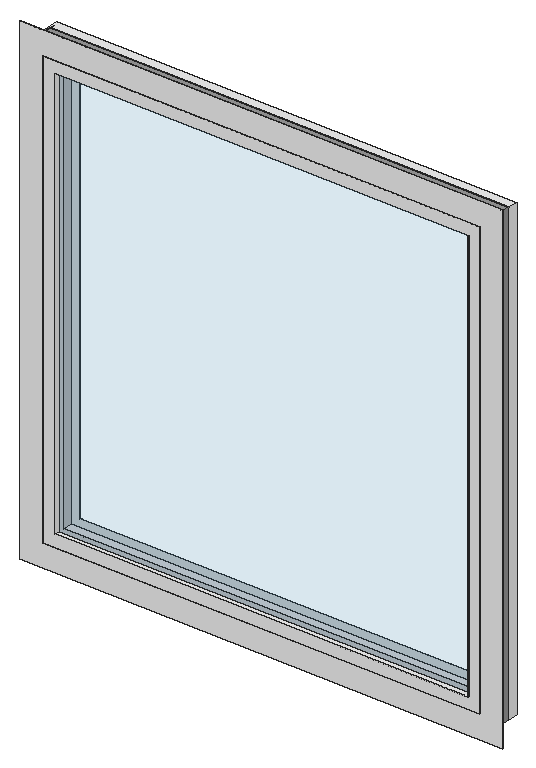
Revit family "Edge_TB42_D_Side_Hung_Standard", category Windows, host Wall, Revit 2014
Parameters (values of type "Casement_Sash_DG")
  Width Sash [instance] = 30 mm
  Width Sash Inner = 15 mm
  Width Bead = 15 mm
  Top Hung [instance] = yes
  Thermal Break Material = Rubber, Black
  Thermal Break Length = 16 mm
  Side Hung Right [instance] = yes
  Side Hung Left [instance] = yes
  Sash Opening Width [instance] = 600 mm
  Sash Opening Height [instance] = 600 mm
  Sash Lip = 15 mm
  Sash Leg [instance] = (Depth Sash - Thermal Break Length) / 2  # 13 mm
  SG Bead Leg = 6.683 mm
  Glazing Material [instance] = Glass
  Glazing Offset = 5 mm
  DG Start Piece 2 [instance] = DG End Piece 1 + DG Gasket Thickness  # 24.158 mm
  DG Start Peice 1 [instance] = ((Depth Sash - (2 * DG Glazing Thickness) - DG Gasket Thickness) / 2) - (SG Bead Leg - Aluminium Thickness) / 2  # 5.758 mm
  DG Glazing Thickness [instance] = 6.4 mm
  DG Gasket Thickness = 12 mm  # constant formula
  DG Gasket Material [instance] = none
  Depth Sash [instance] = 42 mm
  DG End Piece 2 [instance] = DG Start Piece 2 + DG Glazing Thickness  # 30.558 mm
  DG End Piece 1 [instance] = DG Start Peice 1 + DG Glazing Thickness  # 12.158 mm
  Center Vertical Sash [instance] = Sash Opening Height / 2  # 300 mm
  Center Horizontal Sash [instance] = Sash Opening Width / 2  # 300 mm
  Bottom Hung [instance] = yes
  Bead Offset = 15 mm
  Aluminium Thickness = 1 mm
  Aluminium Material [instance] = White Powder Coated Aluminium
Reference planes
  plane 1 "Center (Front/Back)": y = 0
  plane 2: z = 0
  plane 3 "Center (Left/Right)": x = 0
Forms (mm)
  Sweep 1, solid, material "White Powder Coated Aluminium" <- "Aluminium Material"
    path origin (16.177, 0, 121.331) x (1, 0, 0) y (0, 0, 1)
      loop
        line (0, 0) -> (600, 0) -> (600, 600) -> (0, 600) -> (0, 0)
    profile origin (316.177, 0, 121.331) x (0, 0, 1) y (0, -1, 0)
      loop
        line (0, 0) -> (30, 0) -> (30, 1) -> (15, 1) -> (15, 13) -> (14, 13) -> (14, 1) -> (1, 1) -> (1, 13) -> (0, 13) -> (0, 0)
      loop
        line (15, 42) -> (-15, 42) -> (-15, 41) -> (0, 41) -> (0, 29) -> (1, 29) -> (1, 41) -> (14, 41) -> (14, 29) -> (15, 29) -> (15, 42)
  Sweep 2, solid, material "White Powder Coated Aluminium" <- "Aluminium Material"
    path origin (0, 0, 0) x (1, 0, 0) y (0, 0, 1)
      loop
        line (31.177, 706.331) -> (31.177, 136.331) -> (601.177, 136.331) -> (601.177, 706.331) -> (31.177, 706.331)
    profile origin (316.177, 0, 706.331) x (0, 0, 1) y (0, -1, 0)
      loop
        line (0, 41) -> (0, 42) -> (-15, 42) -> (-15, 35.317) -> (-14, 35.317) -> (-14, 41) -> (0, 41)
  Extrusion 3, solid, material "Glass" <- "Glazing Material"
    sketch origin (0, 0, 0) x (1, 0, 0) y (0, 0, 1)
      loop
        line (36.177, 701.331) -> (36.177, 141.331) -> (596.177, 141.331) -> (596.177, 701.331) -> (36.177, 701.331)
    from 5.758 <- "DG Start Peice 1" to 12.158 <- "DG End Piece 1"
  Extrusion 4, solid, material "Glass" <- "Glazing Material"
    sketch origin (0, 0, 0) x (1, 0, 0) y (0, 0, 1)
      loop
        line (36.177, 701.331) -> (36.177, 141.331) -> (596.177, 141.331) -> (596.177, 701.331) -> (36.177, 701.331)
    from 30.558 <- "DG End Piece 2" to 24.158 <- "DG Start Piece 2"
  Sweep 5, solid, material <- "DG Gasket Material"
    path origin (0, -12.158, 0) x (1, 0, 0) y (0, 0, 1)
      loop
        line (36.177, 701.331) -> (36.177, 141.331) -> (596.177, 141.331) -> (596.177, 701.331) -> (36.177, 701.331)
    profile origin (316.177, -12.158, 701.331) x (0, 0, 1) y (0, -1, 0)
      loop
        line (0, 0) -> (0, 12) -> (-7.96, 12) -> (-7.96, 0) -> (0, 0)
  Sweep 6, solid, material "Rubber, Black" <- "Thermal Break Material"
    path origin (16.177, -13, 121.331) x (1, 0, 0) y (0, 0, 1)
      loop
        line (-15, 615) -> (-15, -15) -> (615, -15) -> (615, 615) -> (-15, 615)
    profile origin (316.177, -13, 736.331) x (0, 0, 1) y (0, -1, 0)
      loop
        line (-15, 16) -> (-16, 16) -> (-16, 0) -> (-15, 0) -> (-15, 16)
      loop
        line (-29, 16) -> (-30, 16) -> (-30, 0) -> (-29, 0) -> (-29, 16)
Lines and regions (mm)
  model lines
    curve 1: line (1.177, -42, 736.331) -> (31.177, -42, 706.331)
    curve 2: line (601.177, -42, 706.331) -> (631.177, -42, 736.331)
    curve 3: line (601.177, -42, 136.331) -> (631.177, -42, 106.331)
    curve 4: line (1.177, -42, 106.331) -> (31.177, -42, 136.331)
    curve 5: line (631.177, -41, 736.331) -> (616.177, -41, 721.331)
    curve 6: line (1.177, -41, 736.331) -> (16.177, -41, 721.331)
    curve 7: line (1.177, -41, 106.331) -> (16.177, -41, 121.331)
    curve 8: line (631.177, -41, 106.331) -> (616.177, -41, 121.331)
    curve 9: line (616.177, 0, 121.331) -> (586.177, 0, 151.331)
    curve 10: line (46.177, 0, 151.331) -> (16.177, 0, 121.331)
    curve 11: line (616.177, 0, 721.331) -> (586.177, 0, 691.331)
    curve 12: line (46.177, 0, 691.331) -> (16.177, 0, 721.331)
    curve 13: line (31.177, -42, 691.331) -> (46.177, -42, 691.331)
    curve 14: line (586.177, -42, 691.331) -> (601.177, -42, 691.331)
    curve 15: line (586.177, -42, 151.331) -> (601.177, -42, 151.331)
    curve 16: line (31.177, -42, 151.331) -> (46.177, -42, 151.331)
  model lines, style "GenericModelHiddenLines", visible <- "Top Hung"
    curve 17: line (46.386, -30.558, 690.602) -> (316.177, -30.558, 151.331)
    curve 18: line (316.177, -30.558, 151.331) -> (586.177, -30.558, 691.018)
  model lines, style "GenericModelHiddenLines", visible <- "Bottom Hung"
    curve 19: line (46.177, -30.558, 151.331) -> (316.177, -30.558, 691.018)
    curve 20: line (316.177, -30.558, 691.018) -> (586.177, -30.558, 151.331)
  model lines, style "GenericModelHiddenLines", visible <- "Side Hung Left"
    curve 21: line (46.386, -30.558, 690.602) -> (585.24, -30.558, 421.331)
    curve 22: line (585.24, -30.558, 421.331) -> (46.177, -30.558, 151.331)
  model lines, style "GenericModelHiddenLines", visible <- "Side Hung Right"
    curve 23: line (586.177, -30.558, 691.018) -> (46.177, -30.558, 421.331)
    curve 24: line (46.177, -30.558, 421.331) -> (586.177, -30.558, 151.331)
Dimensions and locks
  "Aluminium Thickness": Sweep 1 sketch curve to Sweep 1 sketch curve  (x6)
  "Depth Sash": Sweep 1 sketch curve to Sweep 1 sketch curve
  "Sash Opening Width": Sweep 1 to Sweep 1
  "Sash Opening Height": Sweep 1 to Sweep 1
  "Width Sash": Sweep 1 sketch curve to Sweep 1 sketch curve  (x2)
  "Width Sash Inner": Sweep 1 sketch curve to Sweep 1 sketch curve
  "Sash Lip": Sweep 1 sketch curve to Sweep 1 sketch curve
  "Glazing Offset": Sweep 2 to Extrusion 3 sketch curve  (x3)
  "Glazing Offset": Extrusion 3 sketch curve to Sweep 2
  Sweep 1 to Sweep 1 = 1 mm
  "Width Bead": Sweep 2 sketch curve to Sweep 2 sketch curve
  locked: Sweep 5 sketch curve to Sweep 5 sketch curve at 7.96
  "Center Horizontal Sash": Sweep 1 to curve 18
  "Center Horizontal Sash": Sweep 1 to curve 20
  "Center Vertical Sash": Sweep 1 to curve 22
  "Center Vertical Sash": Sweep 1 to curve 24
  "Sash Leg": Sweep 1 sketch curve to Sweep 1 sketch curve
  "Aluminium Thickness": Sweep 2 sketch curve to Sweep 2 sketch curve  (x2)
  "SG Bead Leg": Sweep 2 sketch curve to Sweep 2 sketch curve
  aligned and locked: level to plane 2
  aligned and locked: Sweep 1 sketch curve to Sweep 1 sketch curve  (x3)
  aligned and locked: Sweep 2 sketch curve to Sweep 1  (x4)
  aligned and locked: Sweep 1 to Sweep 2 sketch curve  (x2)
  aligned and locked: Extrusion 4 sketch curve to Extrusion 3  (x4)
  aligned and locked: Sweep 5 sketch curve to Extrusion 3  (x5)
  aligned and locked: Extrusion 3 to Sweep 5 sketch curve
  aligned and locked: Sweep 6 sketch curve to Sweep 1  (x10)
  aligned and locked: Sweep 1 to Sweep 6 sketch curve  (x2)
Automatic sketch dimensions
  plane 3 "Center (Left/Right)" to Sweep 1 sketch curve = 16.177 mm
  level to Sweep 1 sketch curve = 121.331 mm
  plane 3 "Center (Left/Right)" to Sweep 1 sketch curve = 616.177 mm
  level to Sweep 1 sketch curve = 721.331 mm
  profile plane to Sweep 5 sketch curve = 12 mm
  curve 7 to Sweep 1 = 0 mm  (x4)
  curve 6 to Sweep 1 = 0 mm  (x3)
  Sweep 1 to curve 6 = 0 mm
  curve 5 to Sweep 1 = 0 mm  (x3)
  curve 8 to Sweep 1 = 0 mm  (x4)
  Sweep 1 to curve 5 = 0 mm
  curve 16 to Sweep 2 = 0 mm  (x3)
  curve 13 to Sweep 2 = 0 mm  (x3)
  curve 15 to Sweep 2 = 0 mm
  Sweep 2 to curve 15 = 0 mm  (x2)
  curve 14 to Sweep 2 = 0 mm  (x2)
  Sweep 2 to curve 14 = 0 mm
  curve 1 to Sweep 1 = 0 mm  (x4)
  curve 4 to Sweep 1 = 0 mm  (x4)
  curve 2 to Sweep 1 = 0 mm  (x4)
  curve 3 to Sweep 1 = 0 mm  (x2)
  Sweep 1 to curve 3 = 0 mm  (x2)
  curve 10 to Sweep 1 = 0 mm  (x4)
  curve 12 to Sweep 1 = 0 mm  (x2)
  Sweep 1 to curve 12 = 0 mm  (x2)
  curve 11 to Sweep 1 = 0 mm  (x4)
  curve 9 to Sweep 1 = 0 mm  (x4)
  profile plane to Sweep 1 sketch curve = 0 mm  (x2)
  Sweep 1 sketch curve to plane 1 "Center (Front/Back)" = 0 mm
  Sweep 1 sketch curve to Sweep 1 sketch curve = 13 mm
  Sweep 1 sketch curve to Sweep 1 sketch curve = 12 mm  (x2)
  curve 21 to Extrusion 4 = 10.208 mm
  curve 19 to Extrusion 4 = 10 mm
  curve 23 to Extrusion 4 = 10 mm  (x2)
  curve 22 to Extrusion 4 = 10.937 mm
  curve 20 to Extrusion 4 = 10 mm
  curve 24 to Extrusion 4 = 10 mm
  curve 22 to Extrusion 4 = 10 mm
  curve 18 to Extrusion 4 = 10 mm
  curve 21 to Extrusion 4 = 10.729 mm
  curve 19 to Extrusion 4 = 10.312 mm
  curve 18 to Extrusion 4 = 10.312 mm
Types in the file's own list only (6): name | Windload Design | Width Sash Opening | Width Sash | Width Profile | Width Panel 3 | Width Panel 1 | Width | URL | Offset Window Exterior | Max System DG Unit Thickness | Max System DG One Piece Thickness | Max Pane Area | Limit Fixed Pane Height Min | Limit Fixed Pane Height Max | Intruderprufe U Value | Intruderprufe SHGC Value | Intruderprufe LowE U Value | Intruderprufe LowE SHGC Value | Intruderprufe Insulated U Value | Intruderprufe Insulated SHGC Value | Intruderprufe Insulated LowE U Value | Intruderprufe Insulated LowE SHGC Value | Height | Energy Advantage U Value | Energy Advantage SHGC Value | DG Thickness Calc | Custom Window Width | Custom Window Height | Window Exterior Offset | Custom Windload | Sash Width | Custom Sash Height | Sash Spacing Inner | Sash Overlap | Sash Center Offset | SG Gasket Thickness | Offset Sash Left | Offset Sash Top | Offset Panel 3 Bead Top | Offset Transom Top | Offset Bead SG Center Reversed | Model | Manufacturer | Limit Window Width Min | Limit Window Width Max | Limit Window Height Min | Limit Window Height Max | Limit Sash Width Min | Limit Sash Width Max | Limit Sash Height Min | Limit Sash Height Max | Length Transom | Height Sash Opening | Height Sash | Height Panel 3 | Height Panel 1 | Description | Frame Center Offset | Depth Bead | Default Sill Height | Wall Closure | DG Gasket Finish | DG Extrusion Start | Clearvue U Value | Clearvue SHGC Value | Clearvue Insulated U Value | Clearvue Insulated SHGC Value | Clearvue Insulated LowE U Value | Clearvue Insulated LowE SHGC Value | Casement Dimension | Bead SG Gap | Area Pane Top | Area Pane Bottom
  EDGE-0615S-1000Pa | 1000 mm | 544 mm | 514 mm | 30 mm | 530 mm | 530 mm | 590 mm | "http://www.crealco.co.za/crealco-products.php" | 21 mm | 25 mm | 6 mm | 0.51 m² | 200 mm | 1800 mm | 5.15 | 0.489 | 3.97 | 0.489 | 3.1 | 0.437 | 2.65 | 0.395 | 1490 mm | 3.98 | 0.469 | 4 mm | 590 mm | 1490 mm | 0 mm | 1000 mm | 544 mm | 1154 mm | 8 mm | 7 mm | 18 mm | 6 mm | 23 mm | 23 mm | 1200 mm | 1170 mm | 21 mm | "Edge" | "Crealco" | 346 mm | 746 mm | 1430 mm | 3030 mm | 300 mm | 700 mm | 300 mm | 1500 mm | 530 mm | 1154 mm | 1124 mm | 260 mm | 1140 mm | "Thermal break casement windows (42mm), Type D side hung" | 21 mm | 28 mm | 800 mm | By host | Double Glazing Gasket Material | 11 mm | 5.25 | 0.524 | 3.14 | 0.477 | 2.69 | 0.434 | 42 mm | 13 mm | 0.51 m² | 0.13 m²
  EDGE-0618S-1000Pa | 1000 mm | 544 mm | 514 mm | 30 mm | 530 mm | 530 mm | 590 mm | "http://www.crealco.co.za/crealco-products.php" | 21 mm | 25 mm | 6 mm | 0.51 m² | 200 mm | 1800 mm | 5.22 | 0.518 | 3.95 | 0.465 | 3.06 | 0.462 | 2.58 | 0.418 | 1790 mm | 3.97 | 0.497 | 4 mm | 590 mm | 1790 mm | 0 mm | 1000 mm | 544 mm | 1154 mm | 8 mm | 7 mm | 18 mm | 6 mm | 23 mm | 23 mm | 1200 mm | 1170 mm | 21 mm | "Edge" | "Crealco" | 346 mm | 746 mm | 1430 mm | 3030 mm | 300 mm | 700 mm | 300 mm | 1500 mm | 530 mm | 1154 mm | 1124 mm | 560 mm | 1140 mm | "Thermal break casement windows (42mm), Type D side hung" | 21 mm | 28 mm | 800 mm | By host | Double Glazing Gasket Material | 11 mm | 5.32 | 0.555 | 3.1 | 0.504 | 2.64 | 0.458 | 42 mm | 13 mm | 0.51 m² | 0.29 m²
  EDGE-0615S-1500Pa | 1500 mm | 544 mm | 514 mm | 30 mm | 530 mm | 530 mm | 590 mm | "http://www.crealco.co.za/crealco-products.php" | 21 mm | 25 mm | 6 mm | 0.51 m² | 200 mm | 1800 mm | 5.15 | 0.489 | 3.97 | 0.489 | 3.1 | 0.437 | 2.65 | 0.395 | 1490 mm | 3.98 | 0.469 | 4 mm | 590 mm | 1490 mm | 0 mm | 1500 mm | 544 mm | 1154 mm | 8 mm | 7 mm | 18 mm | 6 mm | 23 mm | 23 mm | 1200 mm | 1170 mm | 21 mm | "Edge" | "Crealco" | 346 mm | 746 mm | 1430 mm | 3030 mm | 300 mm | 700 mm | 300 mm | 1500 mm | 530 mm | 1154 mm | 1124 mm | 260 mm | 1140 mm | "Thermal break casement windows (42mm), Type D side hung" | 21 mm | 28 mm | 800 mm | By host | Double Glazing Gasket Material | 11 mm | 5.25 | 0.524 | 3.14 | 0.477 | 2.69 | 0.434 | 42 mm | 13 mm | 0.51 m² | 0.13 m²
  EDGE-0615S-2000Pa | 2000 mm | 544 mm | 514 mm | 30 mm | 530 mm | 530 mm | 590 mm | "http://www.crealco.co.za/crealco-products.php" | 21 mm | 25 mm | 6 mm | 0.51 m² | 200 mm | 1800 mm | 5.15 | 0.489 | 3.97 | 0.489 | 3.1 | 0.437 | 2.65 | 0.395 | 1490 mm | 3.98 | 0.469 | 4 mm | 590 mm | 1490 mm | 0 mm | 2000 mm | 544 mm | 1154 mm | 8 mm | 7 mm | 18 mm | 6 mm | 23 mm | 23 mm | 1200 mm | 1170 mm | 21 mm | "Edge" | "Crealco" | 346 mm | 746 mm | 1430 mm | 3030 mm | 300 mm | 700 mm | 300 mm | 1500 mm | 530 mm | 1154 mm | 1124 mm | 260 mm | 1140 mm | "Thermal break casement windows (42mm), Type D side hung" | 21 mm | 28 mm | 800 mm | By host | Double Glazing Gasket Material | 11 mm | 5.25 | 0.524 | 3.14 | 0.477 | 2.69 | 0.434 | 42 mm | 13 mm | 0.51 m² | 0.13 m²
  EDGE-0618S-1500Pa | 1500 mm | 544 mm | 514 mm | 30 mm | 530 mm | 530 mm | 590 mm | "http://www.crealco.co.za/crealco-products.php" | 21 mm | 25 mm | 6 mm | 0.51 m² | 200 mm | 1800 mm | 5.22 | 0.518 | 3.95 | 0.465 | 3.06 | 0.462 | 2.58 | 0.418 | 1790 mm | 3.97 | 0.497 | 4 mm | 590 mm | 1790 mm | 0 mm | 1500 mm | 544 mm | 1154 mm | 8 mm | 7 mm | 18 mm | 6 mm | 23 mm | 23 mm | 1200 mm | 1170 mm | 21 mm | "Edge" | "Crealco" | 346 mm | 746 mm | 1430 mm | 3030 mm | 300 mm | 700 mm | 300 mm | 1500 mm | 530 mm | 1154 mm | 1124 mm | 560 mm | 1140 mm | "Thermal break casement windows (42mm), Type D side hung" | 21 mm | 28 mm | 800 mm | By host | Double Glazing Gasket Material | 11 mm | 5.32 | 0.555 | 3.1 | 0.504 | 2.64 | 0.458 | 42 mm | 13 mm | 0.51 m² | 0.29 m²
  EDGE-0618S-2000Pa | 2000 mm | 544 mm | 514 mm | 30 mm | 530 mm | 530 mm | 590 mm | "http://www.crealco.co.za/crealco-products.php" | 21 mm | 25 mm | 6 mm | 0.51 m² | 200 mm | 1800 mm | 5.22 | 0.518 | 3.95 | 0.465 | 3.06 | 0.462 | 2.58 | 0.418 | 1790 mm | 3.97 | 0.497 | 4 mm | 590 mm | 1790 mm | 0 mm | 2000 mm | 544 mm | 1154 mm | 8 mm | 7 mm | 18 mm | 6 mm | 23 mm | 23 mm | 1200 mm | 1170 mm | 21 mm | "Edge" | "Crealco" | 346 mm | 746 mm | 1430 mm | 3030 mm | 300 mm | 700 mm | 300 mm | 1500 mm | 530 mm | 1154 mm | 1124 mm | 560 mm | 1140 mm | "Thermal break casement windows (42mm), Type D side hung" | 21 mm | 28 mm | 800 mm | By host | Double Glazing Gasket Material | 11 mm | 5.32 | 0.555 | 3.1 | 0.504 | 2.64 | 0.458 | 42 mm | 13 mm | 0.51 m² | 0.29 m²
